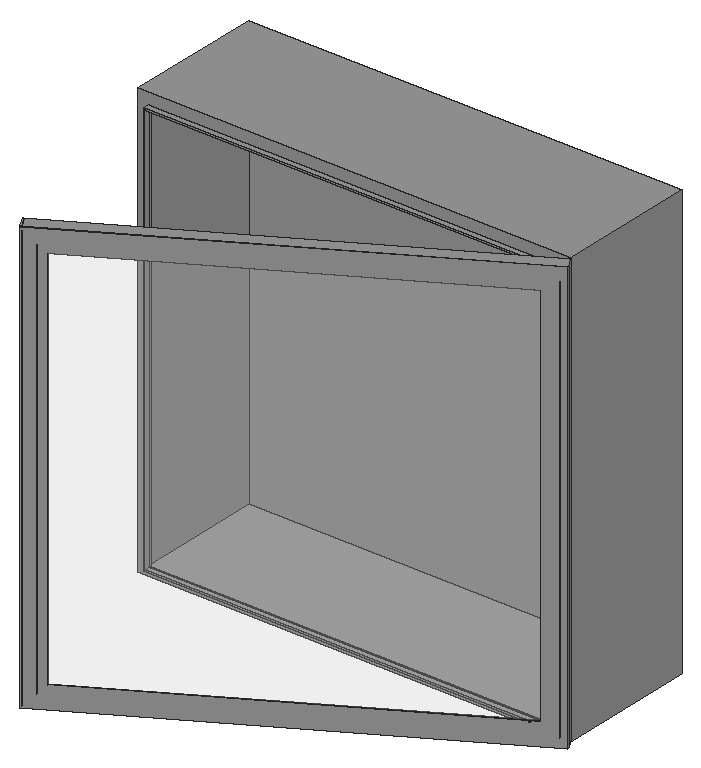
Revit family "Hager-Orion_Inox-IP66-D210-Cl.I-Inox_encl-630A-600mm-NoHosted-CH-it", category Equipement électrique, Revit 2020
Family settings
  Configuration du panneau = Deux colonnes, circuits au sein
  Cote de connecteur circulaire = Utiliser le diamètre
  Type d'élément = Tableau de raccordement
  Basée sur le plan de construction = Oui
  Toujours verticalement = Oui
  Couper avec des vides une fois chargée = Non
  Partagée = Non
  Point de calcul de pièce = Non
Parameters (values of type "A parete IP66 L600 A600 P210  - FL028TWL")
  Width Control [instance] = if([EF000008 - Larghezza] > Min Width, [EF000008 - Larghezza], Min Width)  # 600 mm
  Commentaires du type = [HG000003 - Gamma]  # "Orion Inox"
  Thickness Door [instance] = if([EF009171 - spessore materiale porta/coperchio] > 3 mm, 3 mm, [EF009171 - spessore materiale porta/coperchio])  # 1.5 mm
  Seal Frame Offset [instance] = 17 mm  # constant formula
  Min Width [instance] = 100 mm  # constant formula
  Min Depth [instance] = (2 * [EF009170 - spessore materiale scatola]) + 1 mm  # 4 mm
  Min Height [instance] = 100 mm  # constant formula
  Internal Frame Depth [instance] = -(Door System Depth * 0.5)  # -9 mm
  Panel Name [instance] = ""  # (empty or 0)
  Model = ""
  HG000027 - Altezza dello zoccolo = 0 mm
  HG000026 - A pavimento = no
  HG000024 - Altezza della sezione inferiore = 600 mm
  HG000023 - Custodia a doppia sezione = no
  HG000016 - Visibilità delle porte nella vista 3D [instance] = yes
  HG000015 - Visibilità attraverso la porta [instance] = no
  HG000014 - Porta destra [instance] = yes
  HG000013 - Porta sinistra [instance] = not([HG000014 - Porta destra])  # no
  HG000012 - Angolo di apertura della porta [instance] = 30.00°
  HG000010 - Porte asimmetriche = no
  HG000009 - Porta doppia a battente = no
  HG000006 - Ad incasso = no
  HG000004 - Codice produttore = "FL028TWL"
  HG000003 - Gamma = "Orion Inox"
  HG000002 - Con porta = yes
  Frame Offset Bottom [instance] = 10 mm  # constant formula
  Frame Offset [instance] = 15 mm  # constant formula
  EF015940 - Coprire con rilascio di sovrapressione = no
  EF011959 - tipo di protezione (NEMA) = ""
  EF009554 - numero delle aperture per la piastra della flangia = 0
  EF009212 - esecuzione coperchio = "EV000116 - chiuso"
  EF009171 - spessore materiale porta/coperchio = 1.5 mm
  EF009170 - spessore materiale scatola = 1.5 mm
  EF008873 - corrente nominale (In) = 630 A
  EF007800 - adatto per parafulmine = no
  EF006306 - con serratura = yes
  EF006244 - coperchio/porta trasparente = yes
  EF005474 - grado di protezione (IP) = "EV006422 - IP66"
  EF004464 - tipo di porta = "EV002646 - singolo"
  EF004427 - numero di moduli = 0
  EF004293 - resistenza agli urti = "EV006814 - IK08"
  EF003532 - adatto per uso esterno = yes
  EF002950 - Numero moduli DIN = 0
  EF001613 - Integrità del circuito = "EV000494 - senza"
  EF001596 - Attacco Lampada = "EV000166 - acciaio inossidabile"
  EF001131 - profondità interna = 176 mm
  EF001088 - possibilità di applicazione = yes
  EF000437 - numero di ingressi per conduttori = 0
  EF000339 - tipo di copertura = "EV004216 - porta"
  EF000266 - numero di file = 0
  EF000218 - profondità di incasso = 0 mm
  EF000118 - con piastra di montaggio = no
  EF000116 - numero RAL = ""
  EF000049 - profondità = 210 mm
  EF000040 - Altezza = 600 mm
  EF000008 - Larghezza = 600 mm
  EF000007 - colore = "EV000154 - altri"
  EF000003 - Tipo di montaggio = "EV000384 - A parete"
  Door System Leaf Tolerance [instance] = 1.5 mm  # constant formula
  Door System Depth [instance] = 18 mm  # constant formula
  Description = ""
  Default Elevation = 1219.2 mm
  Connector Offset [instance] = Height Control / 2  # 300 mm
  Fabricant = "Hager"  # constant formula
  Height Control [instance] = if([EF000040 - Altezza] > Min Height, [EF000040 - Altezza], Min Height)  # 600 mm
  Depth Control [instance] = if([EF000049 - profondità] > Min Depth, [EF000049 - profondità], Min Depth)  # 210 mm
Types (12, lengths in mm): name | Width Control | HG000004 - Codice produttore | EF009212 - esecuzione coperchio | EF006306 - con serratura | EF006244 - coperchio/porta trasparente | EF004293 - resistenza agli urti | EF001613 - Integrità del circuito | EF000008 - Larghezza
  A parete IP66 L400 A600 P210  - FL025BWL | 400 | "FL025BWL" | "EV009916 - con taglio" | no | no | "EV008784 - IK10" | "" | 400
  A parete IP66 L400 A600 P210  - FL025TW | 400 | "FL025TW" | "EV000116 - chiuso" | yes | yes | "EV006814 - IK08" | "EV000494 - senza" | 400
  A parete IP66 L400 A600 P210  - FL025TWL | 400 | "FL025TWL" | "EV000116 - chiuso" | yes | yes | "EV006814 - IK08" | "EV000494 - senza" | 400
  A parete IP66 L500 A600 P210  - FL027BW | 500 | "FL027BW" | "EV000116 - chiuso" | yes | no | "EV008784 - IK10" | "EV000494 - senza" | 500
  A parete IP66 L500 A600 P210  - FL027BWL | 500 | "FL027BWL" | "EV000116 - chiuso" | yes | no | "EV008784 - IK10" | "EV000494 - senza" | 500
  A parete IP66 L500 A600 P210  - FL027TW | 500 | "FL027TW" | "EV000116 - chiuso" | yes | yes | "EV006814 - IK08" | "EV000494 - senza" | 500
  A parete IP66 L500 A600 P210  - FL027TWL | 500 | "FL027TWL" | "EV000116 - chiuso" | yes | yes | "EV006814 - IK08" | "EV000494 - senza" | 500
  A parete IP66 L600 A600 P210  - FL025BW | 600 | "FL025BW" | "EV009916 - con taglio" | no | no | "EV008784 - IK10" | "" | 600
  A parete IP66 L600 A600 P210  - FL028BW | 600 | "FL028BW" | "EV000116 - chiuso" | yes | no | "EV008784 - IK10" | "EV000494 - senza" | 600
  A parete IP66 L600 A600 P210  - FL028BWL | 600 | "FL028BWL" | "EV000116 - chiuso" | yes | no | "EV008784 - IK10" | "EV000494 - senza" | 600
  A parete IP66 L600 A600 P210  - FL028TW | 600 | "FL028TW" | "EV000116 - chiuso" | yes | yes | "EV006814 - IK08" | "EV000494 - senza" | 600
  A parete IP66 L600 A600 P210  - FL028TWL | 600 | "FL028TWL" | "EV000116 - chiuso" | yes | yes | "EV006814 - IK08" | "EV000494 - senza" | 600
Reference planes
  plane 1 "Center (Front/Back)": y = 0
  plane 2: z = 0
  plane 3 "Center (Left/Right)": x = 0
  plane 4: y = 0
  plane 5: y = 0
  plane 6: z = 0
  plane 7: x = -300
  plane 8: x = 300
  plane 9: x = 298.5
  plane 10: x = -298.5
  plane 11: z = 0
  plane 12: z = 1.5
  plane 13: y = -210
  plane 14: y = -1.5
  plane 15: x = 0
  plane 16: y = -192
  plane 17: y = -208.5
  plane 18: y = -190.5
  plane 19: x = -283.5
  plane 20: x = 283.5
  plane 21: z = 11.5
  plane 22: x = -283
  plane 23: x = 283
  plane 24: z = 0
  plane 25: z = 600
  plane 26: z = 600
  plane 27: z = 583.5
  plane 28: z = 598.5
Forms (mm)
  Extrusion 1, solid, material "Hager_Stainless_Steel", detail levels medium+fine
    sketch origin (-208.679, -4572, 0) x (-1, 0, 0) y (0, -1, 0)
      loop
        line (91.321, -4380) -> (-508.679, -4380) -> (-508.679, -4572) -> (91.321, -4572) -> (91.321, -4380)
    from 0 to 600
  Extrusion 2, void
    sketch origin (-350.771, -210, 1219.2) x (1, 0, 0) y (0, 0, 1)
      loop
        line (52.271, -620.7) -> (52.271, -1217.7) -> (649.271, -1217.7) -> (649.271, -620.7) -> (52.271, -620.7)
    from -19.5 to -208.5
  Extrusion 3, void
    sketch origin (-290.084, -192, 1219.2) x (1, 0, 0) y (0, 0, 1)
      loop
        line (6.584, -1207.7) -> (573.584, -1207.7) -> (573.584, -635.7) -> (6.584, -635.7) -> (6.584, -1207.7)
    from 0 to -1.5
  Extrusion 4, solid, material "Hager_Stainless_Steel", detail levels fine
    sketch origin (-290.084, -192, 1219.2) x (-1, 0, 0) y (0, 0, 1)
      loop
        line (-573.584, -1207.7) -> (-6.584, -1207.7) -> (-6.584, -635.7) -> (-573.584, -635.7) -> (-573.584, -1207.7)
      loop
        line (-575.084, -1209.2) -> (-5.084, -1209.2) -> (-5.084, -634.2) -> (-575.084, -634.2) -> (-575.084, -1209.2)
    from 0 to -9 <- "Internal Frame Depth"
  Extrusion 5, solid, material "Hager_Stainless_Steel", detail levels coarse
    sketch origin (0, 0, 0) x (1, 0, 0) y (0, 1, 0)
      loop
        line (-300, 0) -> (-300, -210) -> (300, -210) -> (300, 0) -> (-300, 0)
    from 0 to 600 <- "Height Control"
Cuts and joins
  Extrusion 2, Extrusion 3 cuts Extrusion 1
Lines and regions (mm)
  Masking region 1
    outline origin (0, 0, 0) x (1, 0, 0) y (0, 1, 0)
      loop
        line (-300, 0) -> (-300, -210) -> (300, -210) -> (300, 0) -> (-300, 0)
  Masking region 2
    outline origin (-290.084, -192, 1219.2) x (-1, 0, 0) y (0, 0, 1)
      loop
        line (-590.084, -1219.2) -> (9.916, -1219.2) -> (9.916, -619.2) -> (-590.084, -619.2) -> (-590.084, -1219.2)
  Masking region 3, detail levels coarse
    outline origin (0, 0, 0) x (0, 1, 0) y (0, 0, 1)
      loop
        line (0, 0) -> (0, 600) -> (-210, 600) -> (-210, 0) -> (0, 0)
  Masking region 4, detail levels medium+fine
    outline origin (0, 0, 594.038) x (0, 1, 0) y (0, 0, 1)
      loop
        line (0, -594.038) -> (0, 5.962) -> (-192, 5.962) -> (-192, -594.038) -> (0, -594.038)
Dimensions and locks
  locked: plane 1 "Center (Front/Back)" to plane 5
  "EF009170 - spessore materiale scatola": plane 7 to plane 10
  "EF009170 - spessore materiale scatola": plane 8 to plane 9
  equal spacing: plane 7, plane 3 "Center (Left/Right)", plane 8
  "Width Control": plane 7 to plane 8
  "Depth Control": plane 4 to plane 13
  "EF009170 - spessore materiale scatola": plane 4 to plane 14
  "Height Control": plane 25 to level
  "EF009170 - spessore materiale scatola": plane 12 to plane 11
  "EF009170 - spessore materiale scatola": plane 17 to plane 13
  "EF009170 - spessore materiale scatola": plane 18 to plane 16
  "Frame Offset Bottom": plane 21 to plane 12
  "Frame Offset": plane 10 to plane 19
  "Frame Offset": plane 9 to plane 20
  "Door System Depth": plane 16 to plane 13
  "Seal Frame Offset": plane 7 to plane 22
  "Seal Frame Offset": plane 8 to plane 23
  "EF009170 - spessore materiale scatola": plane 26 to plane 28
  "Frame Offset": plane 28 to plane 27
  "Connector Offset": plane 2 to connector elem
  "Thickness Door": cut or joined group of Extrusion 1, Extrusion 2, Extrusion 3 to Extrusion 4 sketch curve
  "Thickness Door": Extrusion 4 sketch curve to plane 19
  "Thickness Door": Extrusion 4 sketch curve to plane 20
  "Thickness Door": Extrusion 4 sketch curve to plane 27
  aligned and locked: Extrusion 2 sketch curve to plane 12
  aligned and locked: Extrusion 2 sketch curve to plane 9
  aligned and locked: Extrusion 2 sketch curve to plane 10
  aligned and locked: plane 14 to Extrusion 2
  aligned and locked: plane 4 to Extrusion 1 sketch curve
  aligned and locked: plane 8 to Extrusion 1 sketch curve
  aligned and locked: plane 7 to Extrusion 1 sketch curve
  aligned and locked: Extrusion 2 to plane 18
  aligned and locked: Extrusion 3 sketch curve to plane 19
  aligned and locked: plane 20 to Extrusion 3 sketch curve
  aligned and locked: Extrusion 3 to Extrusion 2
  aligned and locked: Extrusion 3 sketch curve to plane 21
  aligned and locked: plane 3 "Center (Left/Right)" to nested 1
  aligned and locked: Extrusion 1 sketch curve to plane 16
  aligned and locked: Masking region 1 sketch curve to plane 7
  aligned and locked: Masking region 1 sketch curve to plane 5
  aligned and locked: Masking region 1 sketch curve to plane 8
  aligned and locked: Masking region 2 sketch curve to level
  aligned and locked: level to Masking region 3 sketch curve
  aligned and locked: plane 1 "Center (Front/Back)" to Masking region 3 sketch curve
  aligned and locked: plane 13 to Masking region 3 sketch curve
  aligned and locked: Masking region 2 sketch curve to plane 8
  aligned and locked: Masking region 2 sketch curve to plane 7
  aligned and locked: plane 7 to nested 2
  aligned and locked: nested 2 to plane 5
  aligned and locked: plane 5 to Masking region 4 sketch curve
  aligned and locked: plane 26 to Masking region 4 sketch curve
  aligned and locked: Extrusion 5 sketch curve to plane 8
  aligned and locked: Extrusion 5 sketch curve to plane 7
  aligned and locked: Extrusion 5 sketch curve to plane 5
  aligned and locked: Extrusion 3 sketch curve to plane 27
  aligned and locked: Extrusion 2 sketch curve to plane 28
  aligned and locked: Extrusion 4 sketch curve to plane 27
  aligned and locked: Extrusion 4 sketch curve to plane 20
  aligned and locked: Extrusion 4 sketch curve to plane 21
  aligned and locked: Extrusion 4 sketch curve to plane 19
  aligned and locked: Masking region 2 to plane 25
  aligned and locked: Masking region 4 sketch curve to plane 24
  aligned and locked: Masking region 1 to plane 13
  aligned and locked: nested 1 to plane 16
  aligned and locked: Masking region 3 to plane 25
  aligned and locked: Masking region 4 sketch curve to plane 16
  aligned and locked: plane 24 to plane 11
  aligned and locked: plane 26 to plane 25
  aligned and locked: level to plane 24
  aligned and locked: Extrusion 1 to Masking region 3
  aligned and locked: level to nested 1
Automatic sketch dimensions
  Extrusion 5 sketch curve to plane 13 = 0 mm
  plane 27 to Masking region 2 sketch curve = 16.5 mm
  plane 27 to Masking region 3 sketch curve = 16.5 mm
  Masking region 1 sketch curve to plane 13 = 0 mm
  Extrusion 3 sketch curve to plane 21 = 0 mm
  plane 19 to Extrusion 3 sketch curve = 0 mm
  Extrusion 3 sketch curve to plane 20 = 0 mm
Nested families
  nested 1: "EC000058_OrionInox_Door" at (0, -192, 0), Double <- "HG000009 - Porta doppia a battente", Transparent <- "EF006244 - coperchio/porta trasparente", Angle <- "HG000012 - Angolo di apertura della porta", Door_Right <- "HG000014 - Porta destra", Assymetrical <- "HG000010 - Porte asimmetriche", Door <- "HG000002 - Con porta", Width_Ctrl <- "Width Control", 3d_Door <- "HG000016 - Visibilità delle porte nella vista 3D", Clearance <- "HG000015 - Visibilità attraverso la porta", Door_Left <- "HG000013 - Porta sinistra", Width <- "Width Control", Door_Depth <- "Door System Depth", Leaf_Tolerance <- "Door System Leaf Tolerance", Height <- "Height Control", Thickness <- "Thickness Door", type "EC000058_OrionInox_Door", detail levels medium+fine
    with min_wh 4 mm, Width_Ctrl 600 mm, Width 600 mm, Transparent yes, Thickness 1.5 mm, Seal_Material Hager_Rubber, Leaf_Width 600 mm, Leaf_Tolerance_External_Sides 0 mm, Leaf_Tolerance 1.5 mm, Leaf_Offset 0 mm, Leaf_Height 597 mm, Leaf_2_Width 600 mm, Leaf_2_Offset 300 mm, Leaf_1_Width 600 mm, Leaf_1_Offset 300 mm, Height_Ctrl 600 mm, Height 600 mm, Glass_Material Hager_Glass, Double_Clearance_Ctrl no, Double no, Door_Right_Ctrl yes, Door_Right yes, Door_Material Hager_Stainless_Steel, Door_Left_Ctrl no, Door_Left no, Door_Depth 18 mm, Door yes, Clearance_Material Hager_Clearance, Clearance_Depth 600 mm, Clearance_Ctrl no, Clearance no, Assymetrical no, Angle 30.00°, 3d_Door yes
  nested 2: "Hager_Enclosure_Symbol" at (-300, 0, 0), Height <- "Depth Control", Width <- "Width Control", type "Hager_Enclosure_Symbol"
    with Width_Ctrl 600 mm, Width 600 mm, Height_Ctrl 210 mm, Height 210 mm, A_Width_Int 13.781 mm, A_Width 165.375 mm, A_Height_Ctrl 183.75 mm, A_Height 183.75 mm
Connectors
  electrical at (0, 0, 300)
    settings: on plane 1 "Center (Front/Back)", index 1, voltage 0 V, apparent load 0 VA, apparent load phase1 0 VA, apparent load phase2 0 VA, apparent load phase3 0 VA, power factor 1, load classification "Other", number of poles 1, system type 30, power factor state 1, is connector primary yes, connector utility no, sub classification motor no, connector description ""
Definition of nested family "EC000058_OrionInox_Door"
  Parameters (values of type "EC000058_OrionInox_Door")
    min_wh [instance] = (2 * Thickness) + 1 mm  # 11 mm
    Width_Ctrl [instance] = 400 mm
    Width [instance] = 500 mm
    Transparent [instance] = yes
    Thickness [instance] = 5 mm
    Seal_Material [instance] = none
    Leaf_Width [instance] = if((Width_Ctrl - 2 * Leaf_Tolerance_External_Sides) > 0 mm, (Width_Ctrl - 2 * Leaf_Tolerance_External_Sides), min_wh)  # 400 mm
    Leaf_Tolerance_External_Sides [instance] = 0 mm  # constant formula
    Leaf_Tolerance [instance] = 1.5 mm
    Leaf_Offset [instance] = 0 mm  # constant formula
    Leaf_Height [instance] = if((Height_Ctrl - 2 * Leaf_Tolerance) > 0 mm, (Height_Ctrl - 2 * Leaf_Tolerance), min_wh)  # 497 mm
    Leaf_2_Width [instance] = if(and(and(Double, Assymetrical), Door_Left), (Leaf_Width / 3) - (Leaf_Tolerance / 2), if(and(and(Double, Assymetrical), Door_Right), (Leaf_Width / 3) * 2 - (Leaf_Tolerance / 2), if(and(Double, not(Assymetrical)), (Leaf_Width / 2) - Leaf_Tolerance, Leaf_Width)))  # 400 mm
    Leaf_2_Offset [instance] = if(and(Double, Assymetrical), Leaf_2_Width / 2, if(and(Double, not(Assymetrical)), Leaf_Width / 4, Leaf_Width / 2))  # 200 mm
    Leaf_1_Width [instance] = if(and(and(Double, Assymetrical), Door_Right), (Leaf_Width / 3) - (Leaf_Tolerance / 2), if(and(and(Double, Assymetrical), Door_Left), (Width / 3) * 2 - (Leaf_Tolerance / 2), if(and(Double, not(Assymetrical)), (Leaf_Width / 2) - Leaf_Tolerance, Leaf_Width)))  # 400 mm
    Leaf_1_Offset [instance] = if(and(Double, Assymetrical), Leaf_1_Width / 2, if(and(Double, not(Assymetrical)), Leaf_Width / 4, Leaf_Width / 2))  # 200 mm
    Height_Ctrl [instance] = if(Height > min_wh, Height, min_wh)  # 500 mm
    Height [instance] = 500 mm
    Glass_Material [instance] = none
    Double_Clearance_Ctrl [instance] = and(Double, Clearance)  # no
    Double [instance] = no
    Door_Right_Ctrl [instance] = and(or(Door_Right, Double), Door)  # yes
    Door_Right [instance] = yes
    Door_Material [instance] = none
    Door_Left_Ctrl [instance] = and(or(Door_Left, Double), Door)  # no
    Door_Left [instance] = no
    Door_Depth [instance] = 30 mm
    Door [instance] = yes
    Default Elevation = 1219.2 mm
    Clearance_Material [instance] = none
    Clearance_Depth [instance] = if(Leaf_1_Width > Leaf_2_Width, Leaf_1_Width, Leaf_2_Width)  # 400 mm
    Clearance_Ctrl [instance] = and(not(Double), Clearance)  # yes
    Clearance [instance] = yes
    Assymetrical [instance] = yes
    Angle [instance] = 30.00°
    3d_Door [instance] = yes
  Reference planes
    plane 1 "Center (Front/Back)": y = 0
    plane 2 "Bottom": z = 0
    plane 3 "Center (Left/Right)": x = 0
    plane 4: z = 500
    plane 5: x = -200
    plane 6: x = 200
    plane 7: z = 500
    plane 8: x = -200
    plane 9: z = 0
    plane 10: x = 200
    plane 11: y = 0
    plane 12: z = 1.5
    plane 13: x = -600
    plane 14: y = -400
    plane 15: x = 600
    plane 16: x = 0
    plane 17: x = 0
    plane 18: x = -200
    plane 19: x = 200
    plane 20: z = 498.5
  Forms (mm)
    Extrusion 1, solid, material <- "Clearance_Material", visible <- "Double_Clearance_Ctrl"
      sketch origin (1200, 0, 0) x (1, 0, 0) y (0, 0, -1)
        loop
          line (-1800, -498.5) -> (-600, -498.5) -> (-600, 0) -> (-1800, 0) -> (-1800, -498.5)
      from 0 to -400
  Dimensions and locks
    equal spacing: plane 5, plane 3 "Center (Left/Right)", plane 6
    "Width_Ctrl": plane 5 to plane 6
    "Leaf_Offset": plane 5 to plane 8
    "Leaf_Offset": plane 6 to plane 10
    "Leaf_Offset": plane 9 to level
    "Leaf_Offset": plane 4 to plane 7
    "Height_Ctrl": plane 4 to level
    "Leaf_Tolerance": plane 12 to plane 9
    locked: plane 11 to plane 1 "Center (Front/Back)"
    "Leaf_1_Offset": plane 18 to plane 16
    "Leaf_2_Offset": plane 17 to plane 19
    "Leaf_1_Width": plane 13 to plane 8
    "Leaf_2_Width": plane 10 to plane 15
    "Clearance_Depth": plane 14 to plane 1 "Center (Front/Back)"
    "Leaf_Tolerance_External_Sides": plane 8 to plane 18
    "Leaf_Tolerance_External_Sides": plane 19 to plane 10
    "Leaf_Tolerance": plane 7 to plane 20
    aligned and locked: level to plane 2 "Bottom"
    aligned and locked: nested 1 to plane 16
    aligned and locked: nested 2 to plane 17
    aligned and locked: Extrusion 1 to plane 13
    aligned and locked: plane 15 to Extrusion 1
    aligned and locked: Extrusion 1 to plane 14
    aligned and locked: plane 12 to nested 1
    aligned and locked: nested 2 to plane 12
    aligned and locked: Extrusion 1 to plane 11
    aligned and locked: plane 20 to Extrusion 1
    aligned and locked: nested 2 to plane 11
    aligned and locked: nested 1 to plane 11
  Automatic sketch dimensions
    Extrusion 1 sketch curve to level = 0 mm
    plane 5 to Extrusion 1 sketch curve = 400 mm
    plane 6 to Extrusion 1 sketch curve = 400 mm
    Extrusion 1 sketch curve to plane 4 = 1.5 mm
  Nested families
    nested 1: "EC000058_OrionInox_Door_Leaf" at (0, 0, 1.5), Width <- "Leaf_1_Width", visible <- "Door_Left_Ctrl", Leaf_Height <- "Leaf_Height", Angle <- "Angle", 3d_Door <- "3d_Door", Transparent <- "Transparent", Clearance Material <- "Clearance_Material", Clearance <- "Clearance_Ctrl", Door_Material <- "Door_Material", Glass_Material <- "Glass_Material", Door_Depth <- "Door_Depth", Seal_Material <- "Seal_Material", Thickness <- "Thickness", type "EC000058_OrionInox_Door_Leaf"
      with Width 400 mm, Transparent_Ctrl yes, Transparent yes, Thickness 5 mm, Standard no, Seal_Material none, Seal_D2 8 mm, Seal_D1 1 mm, Offset_Internal_Frame 10 mm, Lock_Width 28 mm, Lock_Thickness 2 mm, Lock_Radius 6 mm, Leaf_Height 497 mm, Internal_Seal_Thickness 8 mm, Internal_Seal_Depth_2 4.5 mm, Internal_Frame_Depth 25 mm, Glass_Thickness -1 mm, Glass_Offset -2 mm, Glass_Material none, Door_Material none, Door_Depth 30 mm, Clearance Material none, Clearance yes, Angle_Ctrl 30.00°, Angle 30.00°, 3d_Door yes
    nested 2: "EC000058_OrionInox_Door_Leaf" at (0, 0, 1.5) x (-1, 0, 0) z (0, 0, 1), Width <- "Leaf_2_Width", visible <- "Door_Right_Ctrl", Leaf_Height <- "Leaf_Height", Angle <- "Angle", 3d_Door <- "3d_Door", Transparent <- "Transparent", Clearance Material <- "Clearance_Material", Clearance <- "Clearance_Ctrl", Door_Material <- "Door_Material", Glass_Material <- "Glass_Material", Door_Depth <- "Door_Depth", Seal_Material <- "Seal_Material", Thickness <- "Thickness", type "EC000058_OrionInox_Door_Leaf"
      with Width 400 mm, Transparent_Ctrl yes, Transparent yes, Thickness 5 mm, Standard no, Seal_Material none, Seal_D2 8 mm, Seal_D1 1 mm, Offset_Internal_Frame 10 mm, Lock_Width 28 mm, Lock_Thickness 2 mm, Lock_Radius 6 mm, Leaf_Height 497 mm, Internal_Seal_Thickness 8 mm, Internal_Seal_Depth_2 4.5 mm, Internal_Frame_Depth 25 mm, Glass_Thickness -1 mm, Glass_Offset -2 mm, Glass_Material none, Door_Material none, Door_Depth 30 mm, Clearance Material none, Clearance yes, Angle_Ctrl 30.00°, Angle 30.00°, 3d_Door yes
  Definition of nested family "EC000058_OrionInox_Door_Leaf"
    Parameters (values of type "EC000058_OrionInox_Door_Leaf")
      Width [instance] = 450 mm
      Transparent_Ctrl [instance] = and(Transparent, [3d_Door])  # yes
      Transparent [instance] = yes
      Thickness [instance] = 5 mm
      Standard [instance] = and(not(Transparent), [3d_Door])  # no
      Seal_Material [instance] = none
      Seal_D2 [instance] = 8 mm  # constant formula
      Seal_D1 [instance] = 1 mm  # constant formula
      Offset_Internal_Frame [instance] = 10 mm  # constant formula
      Lock_Width [instance] = Door_Depth - Lock_Thickness  # 28 mm
      Lock_Thickness [instance] = 2 mm  # constant formula
      Lock_Radius [instance] = 6 mm  # constant formula
      Leaf_Height [instance] = 450 mm
      Internal_Seal_Thickness [instance] = 8 mm  # constant formula
      Internal_Seal_Depth_2 [instance] = 4.5 mm  # constant formula
      Internal_Frame_Depth [instance] = if(Door_Depth - Thickness > 5 mm, Door_Depth - Thickness, 5 mm)  # 25 mm
      Glass_Thickness [instance] = if(Thickness > 15 mm, Glass_Offset + 10 mm, -1 mm)  # -1 mm
      Glass_Offset [instance] = if(Thickness > 15 mm, -(Thickness + 10 mm) / 2, -2 mm)  # -2 mm
      Glass_Material [instance] = none
      Door_Material [instance] = none
      Door_Depth [instance] = 30 mm
      Default Elevation = 0 mm
      Clearance Material [instance] = none
      Clearance [instance] = yes
      Angle_Ctrl [instance] = if(Angle > 180.00°, 180.00°, Angle)  # 90.00°
      Angle [instance] = 90.00°
      3d_Door [instance] = yes
    Reference planes
      plane 1 "Center (Front/Back)": y = 0
      plane 2: z = 0
      plane 3 "Center (Left/Right)": x = 0
      plane 4: y = 450
      plane 5: x = -225
      plane 6: x = 225
      plane 7: x = -675
      plane 8: z = 450
      plane 9: z = 30
      plane 10: z = 420
      plane 11: x = 195
      plane 12: x = -195
      plane 13: y = -3
      plane 14: z = 107.833
      plane 15: y = -5
      plane 16: y = -223.314
      plane 17: x = -225
      plane 18: y = 30
    Forms (mm)
      Extrusion 1, solid, material <- "Clearance Material", visible <- "Clearance"
        sketch origin (0, 0, 0) x (1, 0, 0) y (0, 0, 1)
          loop
            line (-675, 450) -> (-675, 0) -> (225, 0) -> (225, 450) -> (-675, 450)
        from 0 to -450
      Extrusion 2, solid, material <- "Door_Material", visible <- "Standard", detail levels medium+fine
        sketch origin (-225, 0, 0) x (0, 1, 0) y (-1, 0, 0)
          loop
            line (0, 30) -> (0, 25) -> (450, 25) -> (450, 30) -> (0, 30)
        from 0 to 450 <- "Leaf_Height"
      Extrusion 3, solid, material <- "Door_Material", visible <- "Transparent_Ctrl", detail levels medium+fine
        sketch origin (-225, 0, 0) x (0, 1, 0) y (-1, 0, 0)
          loop
            line (0, 25) -> (450, 25) -> (450, 30) -> (0, 30) -> (0, 25)
        from 0 to 450 <- "Leaf_Height"
      Extrusion 4, void
        sketch origin (-250, 450, 0) x (0, 1, 0) y (0, 0, -1)
          loop
            line (-30, -420) -> (-30, -30) -> (-420, -30) -> (-420, -420) -> (-30, -420)
        from 0 to 5 <- "Thickness"
      Sweep 5, solid, material <- "Seal_Material", visible <- "Transparent_Ctrl", detail levels fine
        path in 3D
          loop
            line (-250, 30, 30) -> (-250, 30, 420) -> (-250, 420, 420) -> (-250, 420, 30) -> (-250, 30, 30)
        profile origin (-250, 225, 30) x (1, 0, 0) y (0, 0, 1)
          loop
            line (0, 0) -> (0, -8) -> (1, -8) -> (1, 0) -> (0, 0)
      Extrusion 6, solid, material <- "Glass_Material", visible <- "Transparent_Ctrl", detail levels medium+fine
        sketch origin (-255, 0, 0) x (0, 1, 0) y (0, 0, -1)
          loop
            line (420, -420) -> (420, -30) -> (30, -30) -> (30, -420) -> (420, -420)
        from -2 <- "Glass_Offset" to -1 <- "Glass_Thickness"
      Extrusion 7, solid, material <- "Door_Material", visible <- "3d_Door", detail levels medium+fine
        sketch origin (-250, 450, 0) x (0, -1, 0) y (0, 0, -1)
          loop
            line (0, -450) -> (450, -450) -> (450, 0) -> (0, 0) -> (0, -450)
          loop
            line (445, -5) -> (5, -5) -> (5, -445) -> (445, -445) -> (445, -5)
        from 0 to 25 <- "Internal_Frame_Depth"
      Sweep 8, solid, material <- "Seal_Material", visible <- "Transparent_Ctrl", detail levels fine
        path in 3D
          loop
            line (-250, 0, 0) -> (-250, 450, 0) -> (-250, 450, 450) -> (-250, 0, 450) -> (-250, 0, 0)
        profile origin (-250, 0, 225) x (1, 0, 0) y (0, 1, 0)
          loop
            line (0, 10) -> (2.975, 10)
            arc (2.975, 10) -> (4.053, 10.447) -> (4.5, 11.525) r 1.525
            line (4.5, 11.525) -> (4.5, 16.527)
            arc (4.5, 16.527) -> (4.069, 17.569) -> (3.027, 18) r 1.473
            line (3.027, 18) -> (0, 18) -> (0, 10)
    Cuts and joins
      Extrusion 4 cuts Extrusion 3
    Lines and regions (mm)
      Masking region 1, detail levels medium+fine
        outline origin (0, 0, 0) x (0, 1, 0) y (0, 0, 1)
          loop
            line (0, 0) -> (30, 0) -> (30, 450) -> (0, 450) -> (0, 0)
      Masking region 2, detail levels medium+fine
        outline origin (0, 0, 0) x (1, 0, 0) y (0, 0, 1)
          loop
            line (-225, 450) -> (-225, 0) -> (225, 0) -> (225, 450) -> (-225, 450)
      symbolic lines
        curve 1: line (225, 0, 0) -> (-675, 0, 0)
        curve 2: arc (225, 0, 0) -> (-225, 450, 0) -> (-675, 0, 0) r 450
        curve 4: line (-255, 0, 0) -> (-255, 450, 0)
      reference lines
        curve 3: line (-225, 0, 0) -> (-225, 450, 0)
      symbolic lines, detail levels medium+fine
        curve 5: line (-255, 450, 0) -> (-250, 450, 0)
        curve 7: line (-250, 0, 0) -> (-255, 0, 0)
        curve 8: line (-250, 0, 0) -> (-225, 0, 0)
        curve 9: line (-225, 0, 0) -> (-225, 450, 0)
        curve 10: line (-225, 450, 0) -> (-250, 450, 0)
      symbolic lines, detail levels fine
        curve 6: line (-250, 450, 0) -> (-250, 0, 0)
      sketch lines
        curve 11: line (-250, 0, 450) -> (-250, 0, 0)
        curve 12: line (-250, 450, 0) -> (-250, 0, 0)
        curve 13: line (-250, 450, 450) -> (-250, 450, 0)
        curve 14: line (-250, 0, 450) -> (-250, 450, 450)
        curve 15: line (-250, 420, 30) -> (-250, 30, 30)
        curve 16: line (-250, 30, 30) -> (-250, 30, 420)
        curve 17: line (-250, 420, 420) -> (-250, 420, 30)
        curve 18: line (-250, 30, 420) -> (-250, 420, 420)
      symbolic lines, visible <- "Transparent", detail levels medium+fine
        curve 19: line (-195, 0, 420) -> (195, 0, 420)
        curve 20: line (-195, 0, 30) -> (-195, 0, 420)
        curve 21: line (195, 0, 30) -> (-195, 0, 30)
        curve 22: line (195, 0, 420) -> (195, 0, 30)
    Dimensions and locks
      "Width": plane 1 "Center (Front/Back)" to plane 4
      equal spacing: plane 5, plane 3 "Center (Left/Right)", plane 6
      "Width": plane 5 to plane 6
      "Width": plane 7 to plane 5
      "Leaf_Height": plane 8 to level
      "Width": curve 5 to curve 3
      "Width": curve 3 to curve 3
      plane 8 to plane 10 = 30 mm
      plane 9 to level = 30 mm
      plane 12 to plane 5 = 30 mm
      plane 6 to plane 11 = 30 mm
      Extrusion 4 sketch curve to Extrusion 3 = 30 mm
      Extrusion 3 to Extrusion 4 sketch curve = 30 mm
      Extrusion 1 to Extrusion 4 sketch curve = 30 mm
      curve 3 to Extrusion 4 sketch curve = 30 mm
      Extrusion 4 sketch curve to cut or joined group of Extrusion 3, Extrusion 4 = 30 mm
      cut or joined group of Extrusion 3, Extrusion 4 to Extrusion 6 sketch curve = 30 mm
      cut or joined group of Extrusion 3, Extrusion 4 to Extrusion 4 sketch curve = 30 mm
      "Thickness": curve 6 to curve 4
      "Thickness": Extrusion 7 sketch curve to Extrusion 7 sketch curve  (x4)
      "Door_Depth": curve 4 to curve 3
      "Offset_Internal_Frame": profile plane to Sweep 8 sketch curve
      "Internal_Seal_Thickness": Sweep 8 sketch curve to Sweep 8 sketch curve
      "Internal_Seal_Depth_2": profile plane to Sweep 8 sketch curve
      "Seal_D1": profile plane to Sweep 5 sketch curve
      "Seal_D2": profile plane to Sweep 5 sketch curve
      "Thickness": Extrusion 2 sketch curve to Extrusion 2 sketch curve
      "Door_Depth": plane 18 to plane 1 "Center (Front/Back)"
      radius of Sweep 8 sketch curve = 1.525 mm
      radius of Sweep 8 sketch curve = 1.473 mm
      "Angle_Ctrl": angle plane 1 "Center (Front/Back)" to curve 3
      aligned and locked: level to plane 2
      aligned and locked: Extrusion 1 to curve 1
      aligned and locked: plane 6 to Extrusion 1
      aligned and locked: plane 1 "Center (Front/Back)" to Extrusion 1
      aligned and locked: plane 4 to Extrusion 1
      aligned and locked: plane 8 to Extrusion 1
      aligned and locked: curve 7 to Extrusion 2 sketch curve
      aligned and locked: curve 5 to Extrusion 2 sketch curve
      aligned and locked: curve 7 to Extrusion 3 sketch curve
      aligned and locked: Extrusion 3 sketch curve to curve 4
      aligned and locked: Extrusion 3 sketch curve to curve 6
      aligned and locked: Extrusion 3 sketch curve to curve 5
      aligned and locked: curve 9 to curve 3
      aligned and locked: Extrusion 7 sketch curve to cut or joined group of Extrusion 3, Extrusion 4  (x4)
      aligned and locked: plane 17 to curve 3
      aligned and locked: plane 1 "Center (Front/Back)" to curve 3
      aligned and locked: plane 17 to plane 5
      aligned and locked: Sweep 8 sketch curve to profile plane
      aligned and locked: Sweep 5 sketch curve to profile plane  (x2)
      aligned and locked: plane 1 "Center (Front/Back)" to Masking region 1 sketch curve
      aligned and locked: plane 18 to Masking region 1 sketch curve
      aligned and locked: level to Masking region 1 sketch curve
      aligned and locked: Masking region 1 sketch curve to plane 8
      aligned and locked: plane 17 to Masking region 2 sketch curve
      aligned and locked: level to Masking region 2 sketch curve
      aligned and locked: Masking region 2 sketch curve to plane 8
      aligned and locked: plane 12 to curve 20
      aligned and locked: plane 10 to curve 19
      aligned and locked: plane 11 to curve 22
      aligned and locked: plane 9 to curve 21
      aligned and locked: Extrusion 2 sketch curve to cut or joined group of Extrusion 3, Extrusion 4
    Automatic sketch dimensions
      plane 1 "Center (Front/Back)" to curve 2 = 0 mm
      curve 2 to plane 5 = 0 mm
      Extrusion 1 sketch curve to level = 0 mm
      Extrusion 1 sketch curve to plane 7 = 0 mm
      Extrusion 1 sketch curve to plane 6 = 0 mm
      Extrusion 1 sketch curve to plane 8 = 0 mm
      Extrusion 3 to Extrusion 6 sketch curve = 30 mm  (x4)
      Masking region 2 sketch curve to plane 6 = 0 mm
      curve 4 to curve 3 = 0 mm
Definition of nested family "Hager_Enclosure_Symbol"
  Parameters (values of type "Hager_Enclosure_Symbol")
    Width_Ctrl [instance] = if(Width > 1 mm, Width, 1 mm)  # 102.27 mm
    Width [instance] = 102.27 mm
    Height_Ctrl [instance] = if(Height > 1 mm, Height, 1 mm)  # 66.5 mm
    A_Width_Int [instance] = if(A_Width / 12 > 2 mm, A_Width / 12, 2 mm)  # 4.364 mm
    A_Width [instance] = if(A_Height_Ctrl * 0.9 > 2 mm, A_Height_Ctrl * 0.9, 2 mm)  # 52.369 mm
    A_Height_Ctrl [instance] = if(A_Height > 2 mm, A_Height, 2 mm)  # 58.188 mm
    Height [instance] = 66.5 mm
    A_Height [instance] = Height - (Height / 8)  # 58.188 mm
  Reference planes
    plane 1 "Centre (avant/arrière)": y = 0
    plane 2: z = 0
    plane 3 "Centre (gauche/droite)": x = 0
    plane 4: x = 52.369
    plane 5: y = 33.042
    plane 6: y = 41.77
    plane 7: y = 66.5
    plane 8: x = 26.184
    plane 9: y = 37.406
    plane 10: x = 102.27
    plane 11: y = 66.5
    plane 12: y = 8.313
  Lines and regions (mm)
    Filled region 1, type "Solid_Black", in view "Niveau de réf."
      outline origin (0, 0, 0) x (1, 0, 0) y (0, 1, 0)
        loop
          line (52.369, 66.5) -> (33.188, 54.536) -> (45.365, 45.006) -> (52.369, 66.5)
    Filled region 2, type "Solid_Black", in view "Niveau de réf."
      outline origin (0, 0, 0) x (1, 0, 0) y (0, 1, 0)
        loop
          line (0, 0) -> (102.27, 0) -> (102.27, 66.5) -> (0, 0)
    detail lines, in view "Niveau de réf."
      curve 1: line (0, 8.313, 0) -> (26.184, 41.77, 0)
      curve 2: line (26.184, 41.77, 0) -> (26.184, 33.042, 0)
      curve 3: line (26.184, 33.042, 0) -> (52.369, 66.5, 0)
  Dimensions and locks
    "A_Width": plane 3 "Centre (gauche/droite)" to plane 4
    equal spacing: plane 3 "Centre (gauche/droite)", plane 8, plane 4
    equal spacing: plane 6, plane 9, plane 5
    equal spacing: curve 3, Filled region 1 sketch curve, Filled region 1 sketch curve
    "Height_Ctrl": plane 1 "Centre (avant/arrière)" to plane 11
    "A_Height_Ctrl": plane 11 to plane 12
    equal spacing: plane 11, plane 9, plane 12
    "A_Width_Int": plane 6 to plane 9
    "Width_Ctrl": plane 3 "Centre (gauche/droite)" to plane 10
    angle Filled region 1 sketch curve to curve 3 = 20.00°
    angle curve 3 to Filled region 1 sketch curve = 20.00°
    locked: curve 3 to Filled region 1 sketch curve (angle 90.00°)
    aligned and locked: plane 10 to Filled region 2
    aligned and locked: plane 11 to Filled region 2 sketch curve
    aligned and locked: plane 10 to Filled region 2 sketch curve
    aligned and locked: plane 3 "Centre (gauche/droite)" to curve 1
    aligned and locked: plane 12 to curve 1
    aligned and locked: plane 7 to plane 11
  Automatic sketch dimensions
    Filled region 1 sketch curve to plane 4 = 0 mm
    Filled region 1 sketch curve to plane 7 = 0 mm
    plane 1 "Centre (avant/arrière)" to Filled region 2 sketch curve = 0 mm
    Filled region 2 sketch curve to plane 3 "Centre (gauche/droite)" = 0 mm
    curve 2 to plane 6 = 0 mm
    curve 2 to plane 8 = 0 mm
    curve 3 to plane 4 = 0 mm
    curve 2 to plane 5 = 0 mm
    curve 3 to plane 7 = 0 mm
